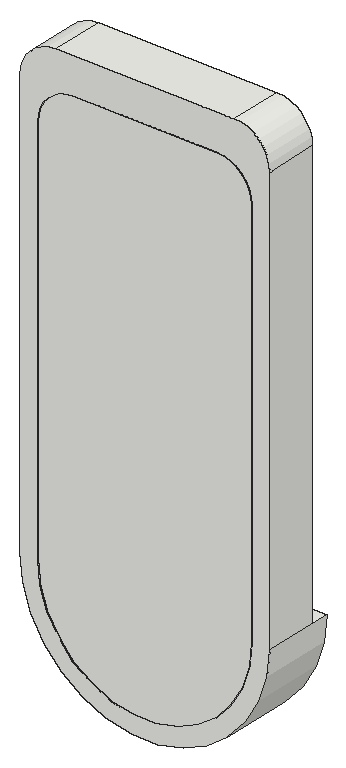
Revit family
Parameters
  Bowl Height = 610.00 mm
  Urinal Material = Porcelain - Ivory
Reference planes
  plane 1: y = 0
  plane 2: x = -109.075
  plane 3: y = 100
  plane 4: z = 610
Forms (mm)
  Revolve 1, solid, material "Porcelain - Ivory" <- "Urinal Material"
    sketch origin (0, 0, 610) x (1, 0, 0) y (0, 1, 0)
      loop
        arc (43.325, 201.6) -> (-22.648, 261.489) -> (-109.075, 283.162) r 183.162
        line (-109.075, 283.162) -> (-109.075, 259.445)
        arc (-109.075, 259.445) -> (-14.34, 228.25) -> (43.325, 146.871) r 159.445
        line (43.325, 146.871) -> (43.325, 100) -> (68.725, 100) -> (68.725, 201.6) -> (43.325, 201.6)
      axis (-109.075, 283.162) -> (-109.075, 100)
    angle from 0 to 180
  Extrusion 2, solid, material "Porcelain - Ivory" <- "Urinal Material"
    sketch origin (-1524, 100, 0) x (-1, 0, 0) y (0, 0, 1)
      loop
        arc (-1567.325, 610) -> (-1414.925, 457.6) -> (-1262.525, 610) r 152.4
        line (-1262.525, 610) -> (-1262.525, 1168.8)
        arc (-1262.525, 1168.8) -> (-1277.404, 1204.721) -> (-1313.325, 1219.6) r 50.8
        line (-1313.325, 1219.6) -> (-1516.525, 1219.6)
        arc (-1516.525, 1219.6) -> (-1552.446, 1204.721) -> (-1567.325, 1168.8) r 50.8
        line (-1567.325, 1168.8) -> (-1567.325, 610)
    from 0 to 12.7
  Extrusion 3, solid, material "Porcelain - Ivory" <- "Urinal Material"
    sketch origin (-1524, 100, 0) x (-1, 0, 0) y (0, 0, 1)
      loop
        line (-1592.725, 610) -> (-1567.325, 610) -> (-1567.325, 1168.8)
        arc (-1567.325, 1168.8) -> (-1552.446, 1204.721) -> (-1516.525, 1219.6) r 50.8
        line (-1516.525, 1219.6) -> (-1313.325, 1219.6)
        arc (-1313.325, 1219.6) -> (-1277.404, 1204.721) -> (-1262.525, 1168.8) r 50.8
        line (-1262.525, 1168.8) -> (-1262.525, 610) -> (-1237.125, 610) -> (-1237.125, 1219.6)
        arc (-1237.125, 1219.6) -> (-1252.004, 1255.521) -> (-1287.925, 1270.4) r 50.8
        line (-1287.925, 1270.4) -> (-1541.925, 1270.4)
        arc (-1541.925, 1270.4) -> (-1577.846, 1255.521) -> (-1592.725, 1219.6) r 50.8
        line (-1592.725, 1219.6) -> (-1592.725, 610)
    from 0 to 76.2
Cuts and joins
  joined: Revolve 1, Extrusion 3
Lines and regions (mm)
  Masking region 1
    outline origin (0, 0, 0) x (1, 0, 0) y (0, 1, 0)
      loop
        line (-261.475, 201.6) -> (-286.875, 201.6) -> (-286.875, 100) -> (69.24, 100) -> (69.24, 201.6) -> (43.325, 201.6)
        arc (43.325, 201.6) -> (-109.075, 287.819) -> (-261.475, 201.6) r 177.8
  symbolic lines
    curve 1: line (-261.475, 201.6, 0) -> (-261.475, 100, 0)
    curve 2: line (43.325, 201.6, 0) -> (43.325, 100, 0)
    curve 3: line (-261.475, 146.871, 0) -> (-261.475, 100, 0)
    curve 4: line (43.325, 146.871, 0) -> (-261.475, 146.871, 0)
    curve 5: line (43.325, 100, 0) -> (43.325, 146.871, 0)
Text (mm)
  text "Interior" at (0, 302.258, 2004.463), in view "Right"
  text "Interior" at (0, 964.991, 1761.477), in view "Left"
Dimensions and locks
  "Bowl Height": level to plane 4
  aligned and locked: plane 3 to host wall
  aligned and locked: plane 3 to Masking region 1 sketch curve
  aligned and locked: curve 4 to Revolve 1
Automatic sketch dimensions
  Revolve 1 sketch curve to plane 2 = 0.00 mm  (x2)
  Revolve 1 sketch curve to plane 3 = 0.00 mm  (x3)
  Revolve 1 sketch curve to plane 2 = 152.40 mm
  Revolve 1 sketch curve to Revolve 1 sketch curve = 0.00 mm
  Revolve 1 sketch curve to Revolve 1 sketch curve = 25.40 mm
  Revolve 1 sketch curve to Revolve 1 sketch curve = 46.871 mm
  Revolve 1 sketch curve to Revolve 1 sketch curve = 54.729 mm
  Revolve 1 sketch curve to Revolve 1 sketch curve = 55.248 mm
  Revolve 1 sketch curve to Revolve 1 sketch curve = 50.80 mm
  Extrusion 2 sketch curve to plane 4 = 0.00 mm
  Extrusion 2 sketch curve to plane 2 = 0.00 mm
  Extrusion 2 sketch curve to plane 2 = 101.60 mm
  Extrusion 2 sketch curve to Extrusion 2 sketch curve = 50.80 mm  (x2)
  Extrusion 2 sketch curve to Extrusion 2 sketch curve = 558.80 mm
  Extrusion 3 sketch curve to plane 4 = 0.00 mm  (x2)
  Extrusion 3 sketch curve to plane 2 = 177.80 mm
  Extrusion 3 sketch curve to Extrusion 3 sketch curve = 25.40 mm  (x3)
  Extrusion 3 sketch curve to Extrusion 3 sketch curve = 50.80 mm  (x3)
  plane 2 to Extrusion 3 sketch curve = 101.60 mm
  plane 2 to Extrusion 3 sketch curve = 152.40 mm
  Extrusion 3 sketch curve to Extrusion 3 sketch curve = 558.80 mm
  Masking region 1 sketch curve to plane 2 = 0.00 mm
  plane 2 to Masking region 1 sketch curve = 152.40 mm
  Masking region 1 sketch curve to Masking region 1 sketch curve = 25.40 mm
  host wall to Masking region 1 sketch curve = 101.60 mm
  Masking region 1 sketch curve to plane 2 = 152.40 mm
  Masking region 1 sketch curve to Masking region 1 sketch curve = 25.914 mm
  host wall to Masking region 1 sketch curve = 10.019 mm
  curve 1 to host wall = 0.00 mm
  curve 5 to host wall = 0.00 mm
  plane 2 to curve 1 = 152.40 mm
  curve 4 to plane 2 = 152.40 mm
  curve 3 to curve 1 = 54.729 mm
  curve 4 to curve 2 = 54.729 mm
